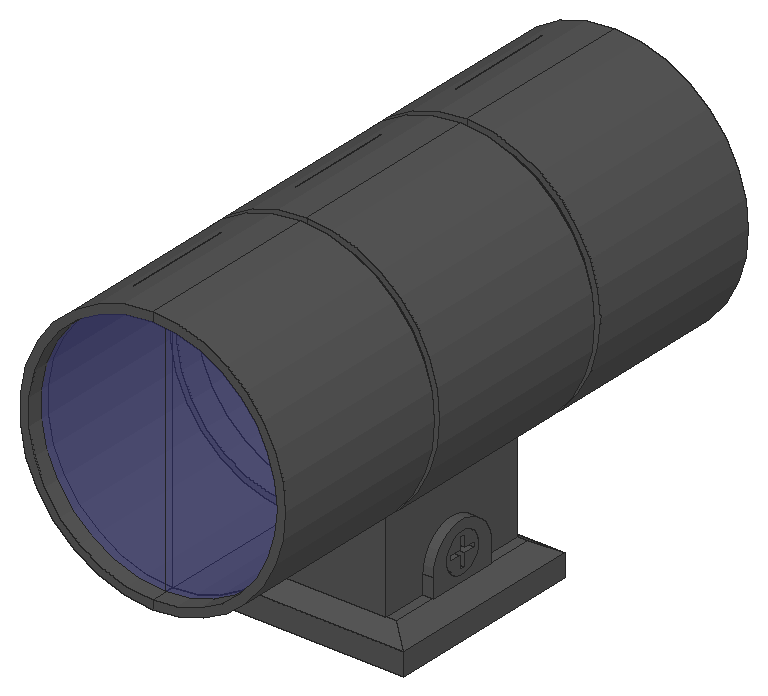
Revit family "CARLO CYLINDER LIGHT WALL MOUNT", category Lighting Fixtures, host Face, Revit 2020 (continued)
Types (10): name | Wattage_Input | Wattage Comments | Wattage | Photometric Web File | built-in parameter 1150142 | Model | built-in parameter 1150105 | Lumens | Light Length 1 | LIGHT RADIUS | LIGHT PLACEMENT | LIGHT LENGTH | LIGHT DIA | built-in parameter 1150106 | FIXED END HEIGHT | Curve base Height | Base Curve | BEAMING ANGLE | Apparent Load
    2 0.13557 0.12337 0.094303 0.064967 0.049835 0.039612 0.029557 \r\n 0.020457 0.010571 0.00274 0.00027602 0.000024 0 0 0 0 0 \r\n 0 0 0 0 0 0 0 0 0.00054348 0.021012 \r\n 0.045819 0.064185 0.081073 0.096708 0.11451 0.14244 0.16706 0.17035 0.17395 0.19854 \r\n 0.22901 0.2567 0.28299 0.30396 0.32684 0.36005 0.39604 0.42783 0.46206 0.50527 \r\n 0.55075 0.59175 0.63503 0.68734 0.74207 0.794 0.84581 0.89671 0.95195 1.0184 \r\n 1.0904 1.1646 1.2404 1.3149 1.3916 1.4816 1.5795 1.6845 1.7939 1.9031 \r\n 2.0177 2.1439 2.2765 2.4136 2.5515 2.6819 2.8168 2.9667 3.1266 3.2969 \r\n 3.4713 3.6409 3.8133 3.9941 4.1795 4.3643 4.5584 4.7767 4.9993 5.2049 \r\n 5.4125 5.6339 5.8693 6.125 6.3941 6.6685 6.959 7.2774 7.6135 7.9553 \r\n 8.3204 8.7214 9.1611 9.6114 10.178 10.949 11.951 13.267 14.822 16.535 \r\n 18.504 20.352 23.423 28.898 36.895 48.226 61.985 77.761 94.891 112.48 \r\n 130.83 150.23 169.87 188.84 207.61 226.36 245.03 264.03 282.13 298.25 \r\n 312.38 323.7 333.58 343.1 352.24 361.34 370.39 379.52 388.63 397.66 \r\n 406.72 415.95 425.25 434.66 443.99 452.92 461.96 471.61 481.59 491.73 \r\n 502.25 513.32 525.03 537.72 550.75 563.72 576.31 587.78 598.94 610.46 \r\n 621.91 633 643.87 654.56 665.09 675.57 685.8 695.5 704.95 714.37 \r\n 723.66 732.85 741.74 750.12 758.04 765.49 772.38 778.6 784.19 788.98 \r\n 793.49 798.31 803.12 807.84 812.41 816.71 820.88 825.19 829.16 832.23 \r\n 834.89 837.44 839.84 842.16 844.28 846.06 847.58 848.95 850.04 850.73 \r\n 849.27 \r\n2.1273 851.17 850.9 850.07 848.82 847.32 845.46 843.19 840.54 837.37 \r\n 834.14 831.65 828.73 824.18 818.89 813.36 807.61 801.78 795.97 790.45 \r\n 784.93 779.34 773.32 766.13 758.81 752.5 746.15 738.9 731.26 723.44 \r\n 715.38 707.05 698.47 689.63 680.52 671.07 661.35 651.45 641.26 630.69 \r\n 619.83 608.8 597.45 585.62 573.38 560.62 547.85 535.46 523.67 513 \r\n 502.97 493.38 484 474.4 465.05 456.48 448.22 440 431.81 423.5 \r\n 415.18 406.99 398.74 390.21 381.64 373.33 364.82 355.79 346.12 335.99 \r\n 324.14 309.05 291.77 272.59 252.32 231.96 211.29 190.11 169.36 150.13 \r\n 131.75 113.77 96.66 80.664 65.996 52.728 41.524 33.279 27.364 23.864 \r\n 21.524 18.933 16.643 14.766 13.219 11.965 10.987 10.3 9.7717 9.2646 \r\n 8.8034 8.3626 7.9558 7.5931 7.2596 6.9432 6.6448 6.3616 6.0923 5.8332 \r\n 5.588 5.3632 5.1473 4.9291 4.7148 4.5085 4.3062 4.1021 3.9061 3.7299 \r\n 3.5616 3.3932 3.2249 3.0485 2.8812 2.7445 2.6167 2.4826 2.3447 2.1947 \r\n 2.0487 1.9236 1.8085 1.6975 1.5924 1.4939 1.4004 1.3165 1.2405 1.1757 \r\n 1.112 1.036 0.95999 0.89392 0.83185 0.77034 0.71183 0.65827 0.60775 0.55836 \r\n 0.512 0.47004 0.43202 0.40031 0.36765 0.32276 0.27992 0.2534 0.23183 0.20777 \r\n 0.18375 0.15837 0.13594 0.12467 0.11142 0.079568 0.047786 0.032832 0.023841 0.014875 \r\n 0.0079125 0.0029607 0 0 0 0 0 0 0 0 \r\n 0 0 0 0 0 0 0 0 0.00067114 0.026168 \r\n 0.056577 0.078041 0.09655 0.11221 0.12881 0.15407 0.17636 0.18008 0.18487 0.20996 \r\n 0.24098 0.26947 0.29699 0.32061 0.34526 0.37586 0.40946 0.44413 0.48178 0.5253 \r\n 0.56984 0.60861 0.65038 0.70495 0.76248 0.81507 0.86667 0.91677 0.9709 1.0361 \r\n 1.1073 1.1824 1.2596 1.3348 1.4123 1.5046 1.6049 1.7107 1.8215 1.9353 \r\n 2.0542 2.18 2.3108 2.4465 2.5832 2.7132 2.8483 2.9999 3.1613 3.3311 \r\n 3.5049 3.6758 3.8498 4.0322 4.2186 4.4028 4.5959 4.8137 5.0365 5.244 \r\n 5.4537 5.676 5.9112 6.1654 6.4327 6.7057 6.9947 7.3106 7.6446 7.9857 \r\n 8.3517 8.7553 9.2007 9.6631 10.242 11.016 12.025 13.365 14.943 16.657 \r\n 18.627 20.498 23.595 29.085 37.079 48.331 62.08 78.118 95.54 113.26 \r\n 131.62 150.89 170.29 188.94 207.4 225.97 244.52 263.45 281.56 297.87 \r\n 312.17 323.41 333.16 342.71 351.9 361.01 370.05 379.21 388.36 397.36 \r\n 406.41 415.73 425.14 434.55 443.86 452.76 461.75 471.27 481.14 491.21 \r\n 501.81 513.26 525.36 538.13 551.15 564.09 576.64 588.08 599.21 610.75 \r\n 622.18 633.13 643.87 654.6 665.2 675.65 685.84 695.58 705.07 714.48 \r\n 723.75 732.95 741.84 750.21 758.12 765.63 772.54 778.65 784.1 788.78 \r\n 793.25 798.2 803.15 807.84 812.35 816.62 820.78 825.12 829.1 832.11 \r\n 834.72 837.34 839.81 842.16 844.28 846.03 847.54 848.95 850.07 850.71 \r\n 849.27 \r\n2.1273 851.11 850.75 849.94 848.77 847.32 845.5 843.2 840.5 837.3 \r\n 834.02 831.38 828.34 823.85 818.69 813.29 807.64 801.77 795.9 790.41 \r\n 784.93 779.32 773.32 766.29 759.13 752.85 746.47 739.18 731.48 723.64 \r\n 715.56 707.2 698.61 689.82 680.75 671.32 661.61 651.67 641.45 630.83 \r\n 619.96 609.05 597.84 586.11 573.96 561.2 548.41 536.02 524.22 513.47 \r\n 503.35 493.68 484.26 474.64 465.32 456.76 448.54 440.37 432.22 423.92 \r\n 415.58 407.3 398.97 390.51 382.02 373.73 365.24 356.25 346.64 336.61 \r\n 324.83 309.58 292.24 273.51 253.69 233.26 212.42 191.28 170.52 151.03 \r\n 132.39 114.43 97.341 81.155 66.262 52.854 41.567 33.331 27.455 23.972 \r\n 21.645 19.069 16.782 14.867 13.281 12.019 11.042 10.349 9.8141 9.3034 \r\n 8.8398 8.3977 7.9888 7.6202 7.2814 6.9665 6.6705 6.3859 6.1152 5.8578 \r\n 5.6145 5.3885 5.1715 4.955 4.7426 4.5362 4.3337 4.1309 3.9357 3.7568 \r\n 3.5868 3.423 3.2596 3.0828 2.9134 2.7749 2.6458 2.5124 2.3754 2.2252 \r\n 2.0787 1.9532 1.8376 1.7261 1.6203 1.5187 1.4241 1.3394 1.2626 1.1957 \r\n 1.1301 1.0535 0.97773 0.91338 0.85291 0.791 0.73165 0.67767 0.62723 0.57941 \r\n 0.53426 0.49098 0.45124 0.41893 0.3866 0.34451 0.30348 0.27317 0.2473 0.22277 \r\n 0.19969 0.1763 0.15512 0.14122 0.1252 0.093928 0.063587 0.049795 0.041095 0.030187 \r\n 0.020201 0.01164 0.0050632 0.0016107 0.000045 0 0 0 0 0 \r\n 0 0 0 0 0 0 0 0 0 0.020027 \r\n 0.044684 0.063396 0.081717 0.10211 0.12325 0.14672 0.16629 0.17067 0.17663 0.20144 \r\n 0.23229 0.26182 0.29091 0.31654 0.34299 0.37403 0.40816 0.44522 0.48494 0.52757 \r\n 0.57139 0.61297 0.6577 0.71233 0.7694 0.82242 0.87522 0.92799 0.9852 1.0534 \r\n 1.1265 1.2001 1.2758 1.3529 1.4336 1.528 1.6291 1.7324 1.8402 1.9525 \r\n 2.0712 2.2001 2.3335 2.4665 2.6016 2.7378 2.8805 3.037 3.2009 3.368 \r\n 3.5396 3.7158 3.8964 4.0814 4.2697 4.4572 4.6533 4.8718 5.0952 5.305 \r\n 5.5185 5.7476 5.99 6.2486 6.5205 6.8015 7.0983 7.416 7.7555 8.1181 \r\n 8.5071 8.9214 9.3758 9.8492 10.449 11.266 12.327 13.715 15.341 17.087 \r\n 19.111 21.081 24.346 30.131 38.473 50.086 64.165 80.435 98.036 115.92 \r\n 134.39 153.61 172.96 191.76 210.33 228.79 247.13 265.74 283.54 299.65 \r\n 313.81 324.92 334.59 344.13 353.32 362.35 371.33 380.48 389.62 398.6 \r\n 407.63 416.93 426.31 435.65 444.93 453.96 463.09 472.67 482.55 492.51 \r\n 503.02 514.61 526.86 539.72 552.74 565.53 577.91 589.39 600.59 612.11 \r\n 623.47 634.24 644.8 655.43 665.97 676.4 686.61 696.46 706.04 715.41 \r\n 724.61 733.76 742.62 751 758.91 766.34 773.16 779.18 784.55 789.14 \r\n 793.56 798.55 803.58 808.32 812.84 817.04 821.1 825.33 829.22 832.14 \r\n 834.69 837.38 839.92 842.21 844.28 846.09 847.65 848.98 850.03 850.7 \r\n 849.27 \r\n2.1273 851.03 850.57 849.81 848.72 847.34 845.55 843.2 840.43 837.21 \r\n 833.88 831.06 827.88 823.48 818.47 813.21 807.64 801.73 795.81 790.36 \r\n 784.93 779.28 773.27 766.42 759.44 753.16 746.73 739.38 731.63 723.76 \r\n 715.66 707.28 698.67 689.92 680.89 671.49 661.78 651.8 641.51 630.82 \r\n 619.93 609.12 598.04 586.44 574.37 561.62 548.8 536.43 524.62 513.77 \r\n 503.53 493.77 484.28 474.69 465.41 456.85 448.62 440.51 432.42 424.13 \r\n 415.77 407.4 399.01 390.62 382.24 373.98 365.51 356.57 347.01 337.09 \r\n 325.36 309.9 292.44 274.19 254.87 234.42 213.45 192.4 171.68 151.89 \r\n 132.93 114.91 97.804 81.415 66.304 52.752 41.396 33.228 27.454 24.006 \r\n 21.698 19.154 16.884 14.937 13.314 12.055 11.086 10.388 9.8466 9.3333 \r\n 8.8688 8.4277 8.0189 7.6439 7.2996 6.9867 6.694 6.4084 6.1365 5.8817 \r\n 5.6411 5.4149 5.1973 4.9817 4.7706 4.565 4.3633 4.1625 3.9684 3.7864 \r\n 3.6142 3.4552 3.2971 3.1207 2.9499 2.8093 2.6785 2.546 2.4102 2.2599 \r\n 2.1131 1.9876 1.872 1.7604 1.6538 1.5493 1.4517 1.366 1.2883 1.2187 \r\n 1.1504 1.0732 0.99778 0.93548 0.87705 0.81525 0.75545 0.70118 0.65078 0.60431 \r\n 0.56022 0.51593 0.47471 0.44125 0.4088 0.37 0.33137 0.29723 0.26686 0.24174 \r\n 0.21957 0.19838 0.17864 0.16183 0.14286 0.11285 0.084608 0.071795 0.062902 0.049663 \r\n 0.036028 0.022609 0.011165 0.0040838 0.000099 0 0 0 0 0 \r\n 0 0 0 0 0 0 0 0 0 0.012957 \r\n 0.030038 0.045166 0.063024 0.088597 0.11491 0.1368 0.15382 0.15937 0.16685 0.19106 \r\n 0.22127 0.25166 0.28222 0.30974 0.33802 0.37001 0.40511 0.4444 0.48587 0.52737 \r\n 0.57048 0.61571 0.66414 0.71835 0.77431 0.82771 0.88198 0.93811 0.99919 1.071 \r\n 1.1464 1.2181 1.2918 1.3711 1.4552 1.5516 1.6531 1.7536 1.8577 1.9674 \r\n 2.0852 2.2177 2.3547 2.485 2.6184 2.7616 2.9129 3.0746 3.2412 3.4052 \r\n 3.5744 3.7566 3.9444 4.132 4.3222 4.5136 4.7132 4.9326 5.1568 5.3688 \r\n 5.5863 5.8228 6.0733 6.3373 6.6149 6.9052 7.2111 7.5317 7.8784 8.2669 \r\n 8.6834 9.1107 9.5755 10.06 10.681 11.547 12.666 14.106 15.782 17.565 \r\n 19.652 21.738 25.201 31.338 40.093 52.133 66.585 83.047 100.78 118.83 \r\n 137.42 156.6 175.94 194.97 213.76 232.15 250.29 268.59 286.03 301.87 \r\n 315.81 326.79 336.38 345.89 355.06 364.01 372.91 382.02 391.14 400.09 \r\n 409.09 418.35 427.67 436.92 446.16 455.33 464.64 474.31 484.2 494.06 \r\n 504.47 516.12 528.49 541.41 554.43 567.04 579.26 590.8 602.08 613.59 \r\n 624.87 635.47 645.84 656.35 666.82 677.23 687.46 697.42 707.1 716.42 \r\n 725.52 734.61 743.43 751.82 759.72 767.05 773.75 779.7 785.01 789.54 \r\n 793.92 798.96 804.04 808.84 813.38 817.51 821.46 825.56 829.32 832.16 \r\n 834.69 837.43 840.03 842.27 844.28 846.16 847.78 849.03 849.98 850.69 \r\n 849.27 \r\n2.1273 850.95 850.4 849.68 848.69 847.36 845.59 843.2 840.37 837.13 \r\n 833.76 830.74 827.42 823.13 818.3 813.16 807.66 801.72 795.76 790.35 \r\n 784.97 779.27 773.24 766.56 759.75 753.46 746.96 739.58 731.79 723.89 \r\n 715.75 707.36 698.75 690.03 681.04 671.66 661.95 651.93 641.58 630.82 \r\n 619.89 609.15 598.2 586.71 574.74 562 549.17 536.81 524.98 514.01 \r\n 503.64 493.77 484.22 474.68 465.46 456.85 448.57 440.52 432.5 424.21 \r\n 415.82 407.38 398.96 390.66 382.38 374.16 365.71 356.82 347.34 337.52 \r\n 325.85 310.17 292.6 274.82 256.01 235.59 214.55 193.63 172.96 152.87 \r\n 133.55 115.41 98.202 81.592 66.26 52.559 41.135 33.058 27.408 23.998 \r\n 21.71 19.206 16.961 14.987 13.331 12.079 11.123 10.42 9.871 9.3561 \r\n 8.8919 8.4531 8.0453 7.6643 7.3142 7.0034 6.7141 6.4277 6.155 5.9031 \r\n 5.6655 5.4398 5.222 5.0069 4.7966 4.5921 4.3918 4.1935 4.0008 3.8155 \r\n 3.6407 3.4862 3.3334 3.1579 2.9864 2.8437 2.711 2.5792 2.4447 2.2946 \r\n 2.1476 2.0223 1.9068 1.7955 1.6883 1.5807 1.4798 1.3932 1.3145 1.2417 \r\n 1.1705 1.0928 1.0178 0.95754 0.90118 0.8398 0.7799 0.7255 0.67515 0.62963 \r\n 0.5863 0.54136 0.49902 0.46404 0.43103 0.39552 0.35949 0.32192 0.28738 0.26154 \r\n 0.24007 0.2211 0.20287 0.18322 0.16145 0.13315 0.1073 0.095055 0.085465 0.069852 \r\n 0.052564 0.033957 0.017317 0.0065413 0.00015269 0 0 0 0 0 \r\n 0 0 0 0 0 0 0 0 0 0.0059441 \r\n 0.015478 0.026947 0.04419 0.074599 0.10586 0.12642 0.14136 0.14864 0.15802 0.18133 \r\n 0.21041 0.24136 0.27319 0.30245 0.33252 0.36565 0.40187 0.44312 0.48604 0.52632 \r\n 0.56877 0.61793 0.67024 0.72371 0.7782 0.83191 0.88776 0.94756 1.0128 1.0884 \r\n 1.166 1.2357 1.3073 1.3886 1.4763 1.5742 1.6758 1.7736 1.8743 1.9809 \r\n 2.0972 2.2335 2.3744 2.5023 2.6343 2.7845 2.9441 3.1109 3.2799 3.4407 \r\n 3.6075 3.7958 3.9908 4.1806 4.3724 4.5677 4.7711 4.9915 5.2165 5.4305 \r\n 5.6516 5.8954 6.1539 6.4235 6.7072 7.0068 7.3222 7.6462 8.0011 8.4171 \r\n 8.8631 9.3052 9.7816 10.276 10.918 11.835 13.013 14.502 16.227 18.048 \r\n 20.202 22.412 26.09 32.609 41.807 54.301 69.131 85.736 103.54 121.73 \r\n 140.44 159.6 178.95 198.27 217.32 235.71 253.7 271.69 288.79 304.3 \r\n 317.97 328.81 338.32 347.81 356.96 365.81 374.61 383.67 392.77 401.68 \r\n 410.64 419.83 429.08 438.23 447.43 456.74 466.22 475.99 485.91 495.66 \r\n 505.97 517.67 530.1 543.06 556.07 568.52 580.59 592.18 603.55 615.05 \r\n 626.25 636.69 646.89 657.28 667.67 678.06 688.32 698.39 708.16 717.41 \r\n 726.41 735.43 744.2 752.57 760.45 767.68 774.26 780.15 785.42 789.93 \r\n 794.31 799.37 804.49 809.33 813.89 817.96 821.81 825.77 829.4 832.18 \r\n 834.69 837.48 840.13 842.32 844.28 846.23 847.91 849.08 849.95 850.7 \r\n 849.27 \r\n2.1273 850.89 850.24 849.58 848.68 847.38 845.61 843.19 840.32 837.08 \r\n 833.67 830.48 827.03 822.86 818.22 813.17 807.74 801.79 795.82 790.45 \r\n 785.09 779.34 773.29 766.77 760.11 753.78 747.2 739.82 732.03 724.08 \r\n 715.9 707.51 698.93 690.24 681.29 671.93 662.22 652.17 641.79 630.96 \r\n 619.98 609.3 598.43 587.05 575.18 562.47 549.64 537.29 525.44 514.33 \r\n 503.8 493.82 484.22 474.75 465.59 456.89 448.52 440.5 432.53 424.24 \r\n 415.83 407.35 398.92 390.71 382.53 374.34 365.93 357.11 347.7 338.01 \r\n 326.42 310.59 292.96 275.6 257.26 236.94 215.91 195.13 174.52 154.14 \r\n 134.46 116.1 98.693 81.829 66.266 52.409 40.912 32.907 27.363 23.98 \r\n 21.705 19.241 17.025 15.029 13.345 12.099 11.155 10.446 9.8894 9.3738 \r\n 8.911 8.4744 8.0674 7.6811 7.3257 7.0165 6.7299 6.4427 6.1694 5.92 \r\n 5.6855 5.4607 5.2433 5.0283 4.8184 4.6149 4.4163 4.2206 4.0294 3.8409 \r\n 3.6634 3.5125 3.3642 3.1902 3.0188 2.8741 2.7394 2.608 2.4745 2.3247 \r\n 2.1779 2.0526 1.9372 1.8267 1.7195 1.6093 1.5054 1.4176 1.3379 1.262 \r\n 1.188 1.1099 1.0355 0.97686 0.92219 0.86137 0.80163 0.74732 0.69707 0.65195 \r\n 0.6089 0.56374 0.52077 0.48404 0.45005 0.41735 0.38375 0.3436 0.30575 0.27906 \r\n 0.2579 0.24094 0.22418 0.20212 0.17803 0.15163 0.1281 0.1158 0.10498 0.087308 \r\n 0.066971 0.043773 0.022533 0.0086005 0.00019855 0 0 0 0 0 \r\n 0 0 0 0 0 0 0 0 0 0.00035055 \r\n 0.003838 0.012299 0.028935 0.063048 0.098165 0.11772 0.13129 0.14094 0.15264 0.17478 \r\n 0.20222 0.23331 0.26604 0.29688 0.32865 0.3628 0.4 0.44286 0.48693 0.52605 \r\n 0.5679 0.6207 0.67656 0.72913 0.78203 0.836 0.89337 0.95674 1.026 1.1048 \r\n 1.1842 1.2521 1.322 1.4052 1.4959 1.5948 1.6961 1.7919 1.89 1.9934 \r\n 2.1082 2.2481 2.3928 2.5189 2.6498 2.8059 2.9727 3.1437 3.3147 3.4728 \r\n 3.6375 3.8312 4.0326 4.224 4.4167 4.6156 4.8224 5.044 5.2698 5.4853 \r\n 5.7093 5.9591 6.2245 6.4992 6.7885 7.0966 7.4204 7.7481 8.1114 8.5542 \r\n 9.029 9.4871 9.9759 10.48 11.14 12.105 13.337 14.871 16.64 18.495 \r\n 20.715 23.05 26.944 33.848 43.487 56.419 71.595 88.284 106.1 124.4 \r\n 143.2 162.35 181.73 201.34 220.68 239.12 257.02 274.79 291.57 306.73 \r\n 320.09 330.79 340.24 349.7 358.82 367.57 376.26 385.28 394.34 403.21 \r\n 412.1 421.22 430.39 439.45 448.6 458.03 467.67 477.51 487.47 497.15 \r\n 507.38 519.09 531.56 544.54 557.53 569.83 581.77 593.43 604.88 616.36 \r\n 627.5 637.81 647.88 658.16 668.48 678.83 689.11 699.27 709.1 718.29 \r\n 727.18 736.13 744.84 753.18 761.02 768.14 774.62 780.46 785.72 790.24 \r\n 794.65 799.73 804.88 809.74 814.3 818.32 822.07 825.89 829.4 832.16 \r\n 834.68 837.52 840.2 842.36 844.28 846.29 848.03 849.14 849.95 850.72 \r\n 849.27 \r\n2.1273 850.87 850.23 849.58 848.71 847.4 845.62 843.19 840.33 837.15 \r\n 833.79 830.54 827.04 823 818.49 813.51 808.11 802.24 796.32 790.9 \r\n 785.49 779.74 773.72 767.26 760.65 754.26 747.64 740.38 732.7 724.65 \r\n 716.37 708.06 699.62 691.01 682.12 672.76 663.04 653.04 642.7 631.86 \r\n 620.86 610.15 599.28 587.98 576.21 563.58 550.81 538.47 526.54 515.25 \r\n 504.56 494.57 485.01 475.57 466.4 457.54 449 440.92 432.91 424.57 \r\n 416.14 407.74 399.38 391.21 383.07 374.94 366.59 357.86 348.58 339.06 \r\n 327.67 312.03 294.6 277.43 259.3 239.29 218.54 197.88 177.26 156.7 \r\n 136.71 117.87 99.954 82.702 66.842 52.821 41.223 33.117 27.497 24.069 \r\n 21.773 19.322 17.12 15.105 13.395 12.139 11.188 10.468 9.9023 9.3881 \r\n 8.9284 8.4896 8.079 7.6897 7.3318 7.0212 6.7336 6.4449 6.1706 5.9218 \r\n 5.6883 5.4648 5.2485 5.0342 4.8245 4.6206 4.4218 4.228 4.0383 3.848 \r\n 3.6683 3.5173 3.3699 3.198 3.0284 2.8831 2.7471 2.6143 2.4797 2.3305 \r\n 2.1842 2.0573 1.9408 1.833 1.7289 1.6192 1.5147 1.4257 1.3444 1.2669 \r\n 1.1919 1.1143 1.0405 0.98151 0.92635 0.86547 0.80595 0.75245 0.70267 0.65632 \r\n 0.61203 0.56764 0.52533 0.48694 0.45125 0.4189 0.38613 0.34647 0.30868 0.28074 \r\n 0.25853 0.24255 0.22699 0.20456 0.18013 0.1552 0.13263 0.11806 0.10469 0.086824 \r\n 0.066823 0.043299 0.021805 0.0081971 0.00019202 0 0 0 0 0 \r\n 0 0 0 0 0 0 0.000044 0.0016314 0.0037944 0.0047215 \r\n 0.0084409 0.017641 0.03453 0.067104 0.1007 0.12013 0.13492 0.14879 0.16399 0.18433 \r\n 0.20886 0.23893 0.27156 0.30376 0.33694 0.37074 0.40743 0.4511 0.49596 0.53455 \r\n 0.5759
